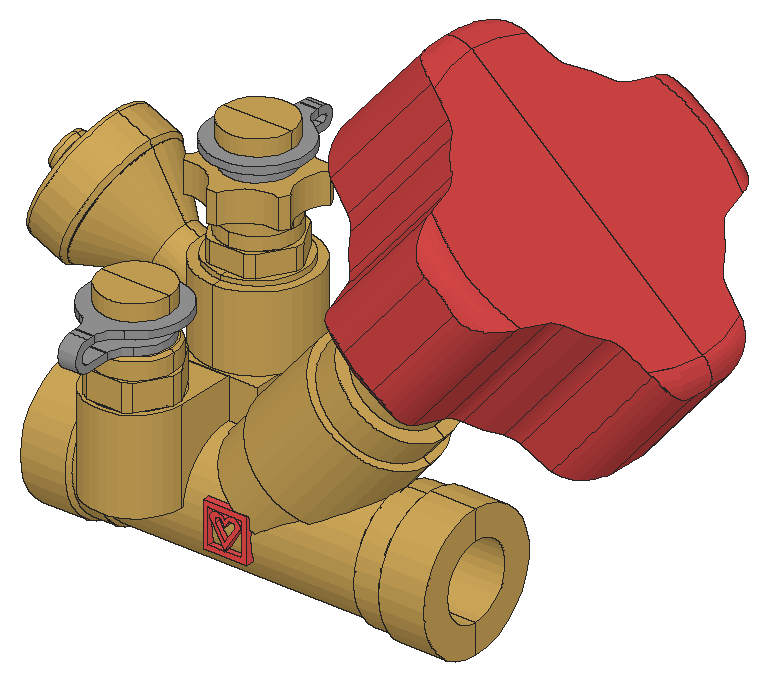
Revit family "HERZ Strömax Commissioning Valve With Integral Fixed orifice Plate 4017 ML", category Rohrzubehör, Revit 2018
Family settings
  Bemaßung runder Anschluss = Durchmesser verwenden
  Teiletyp = Unterbricht
  OmniClass-Nummer = 23.65.55.14
  OmniClass-Titel = Valves for Liquid Services
  Arbeitsebenenbasiert = Nein
  Immer vertikal = Ja
  Beim Laden mit Abzugskörper schneiden = Nein
  Gemeinsam genutzt = Nein
Parameters
  kvs-value [instance] = if(Nennweite = 15.000 mm, 2, if(Nennweite = 20.000 mm, 3.6, if(Nennweite = 25.000 mm, 6.5, if(Nennweite = 32.000 mm, 13.3, if(Nennweite = 40.000 mm, 18.5, if(Nennweite = 50.000 mm, 33, 0))))))  # 2
  kv-value of orifice [instance] = if(Nennweite = 15.000 mm, 1.95, if(Nennweite = 20.000 mm, 3.95, if(Nennweite = 25.000 mm, 7.9, if(Nennweite = 32.000 mm, 15.75, if(Nennweite = 40.000 mm, 21.5, if(Nennweite = 50.000 mm, 46.7, 0))))))  # 1.95
  W01 = 50.00°  # constant formula
  URL = "www.herzvalves.com"
  SW01 = 60.00°  # constant formula
  SCRNSEQ = "ARM;ARM_TYP=\"STRV\";2"
  SCRNCODE = "05;07;02"  # constant formula
  S03 = 60.000 mm  # constant formula
  S02 [instance] = L04 + L06 + L07  # 76.800 mm
  S01 [instance] = D01 * 2  # 27.000 mm
  R03 = 21.500 mm  # constant formula
  R02 = 9.500 mm  # constant formula
  R01 = 12.000 mm  # constant formula
  Part number [instance] = size_lookup("4017_ML_", "Artnr", 0, Nennweite)  # 1401731
  Model = "STRÖMAX 4017 ML, commissioning valve in Y pattern with an orifice plate and an connection for impulse line for differential pressure measurement, with test points:\r\nDZR brass, female threaded ends, non-rising stem sealed with Triple-O-Ring, presetting through stroke limiting, handwhell with presetting digital display."
  Medium = "Water purity in accordance with the OeNORM H5195 and VDI 2035 standards.\r\nEthylene and propylene glycol can be mixed to a ratio of 25 - 50 vol. %."
  Max. operating temperature = 130 °C  # constant formula
  Max. operating pressure = 2000000.0 Pa  # constant formula
  Max. differential pressure at closed valve = 1000000.0 Pa  # constant formula
  L10 [instance] = size_lookup("4017_ML_", "L10", 1.000 mm, Nennweite)  # 28.500 mm
  L09 [instance] = size_lookup("4017_ML_", "L9", 1.000 mm, Nennweite)  # 22.500 mm
  L08 [instance] = size_lookup("4017_ML_", "L8", 1.000 mm, Nennweite)  # 12.700 mm
  L07 [instance] = size_lookup("4017_ML_", "L7", 1.000 mm, Nennweite)  # 35.100 mm
  L06 [instance] = size_lookup("4017_ML_", "L6", 1.000 mm, Nennweite)  # 6.500 mm
  L05 [instance] = size_lookup("4017_ML_", "L5", 1.000 mm, Nennweite)  # 20.200 mm
  L04 [instance] = size_lookup("4017_ML_", "L4", 1.000 mm, Nennweite)  # 35.200 mm
  L03 [instance] = size_lookup("4017_ML_", "L3", 1.000 mm, Nennweite)  # 1.000 mm
  H03 [instance] = H01 - 19.000 mm  # 1.000 mm
  H02 = 13.000 mm  # constant formula
  Field of application = "Can be used as isolating and commissioning valve."
  E01 [instance] = L00 / -2  # -41.500 mm
  E00 = 0.000 mm  # constant formula
  D09 [instance] = size_lookup("4017_ML_", "D9", 1.000 mm, Nennweite)  # 11.750 mm
  D08 [instance] = size_lookup("4017_ML_", "D8", 1.000 mm, Nennweite)  # 9.500 mm
  D07 [instance] = size_lookup("4017_ML_", "D7", 1.000 mm, Nennweite)  # 12.000 mm
  D06 [instance] = size_lookup("4017_ML_", "D6", 1.000 mm, Nennweite)  # 13.500 mm
  D05 [instance] = size_lookup("4017_ML_", "D5", 1.000 mm, Nennweite)  # 12.500 mm
  D04 [instance] = Nennweite / 2  # 7.500 mm
  IG [instance] = Nennweite / 2  # 7.500 mm
  D03 [instance] = size_lookup("4017_ML_", "D3", 1.000 mm, Nennweite)  # 11.900 mm
  D02 [instance] = size_lookup("4017_ML_", "D2", 1.000 mm, Nennweite)  # 12.700 mm
  D01 [instance] = size_lookup("4017_ML_", "D1", 1.000 mm, Nennweite)  # 13.500 mm
  Nennweite [instance] = 15.000 mm
  L02 [instance] = size_lookup("4017_ML_", "L2", 1.000 mm, Nennweite)  # 5.000 mm
  L01 [instance] = size_lookup("4017_ML_", "L1", 1.000 mm, Nennweite)  # 9.250 mm
  L00 [instance] = size_lookup("4017_ML_", "L", 1.000 mm, Nennweite)  # 83.000 mm
  Hersteller = "HERZ Armaturen Ges.m.b.H."  # constant formula
  H01 [instance] = size_lookup("4017_ML_", "H1", 1.000 mm, Nennweite)  # 20.000 mm
  GT [instance] = size_lookup("4017_ML_", "GT", 1.000 mm, Nennweite)  # 13.200 mm
  DN50 [instance] = Nennweite = 50.000 mm  # no
  DN40 [instance] = Nennweite = 40.000 mm  # no
  DN32 [instance] = Nennweite = 32.000 mm  # no
  DN25 [instance] = Nennweite = 25.000 mm  # no
  DN20 [instance] = Nennweite = 20.000 mm  # no
  DN15 [instance] = Nennweite = 15.000 mm  # yes
  Body = "DZR brass"  # constant formula
Reference planes
  plane 1 "Mitte (Vorne/hinten)": y = 0
  plane 2: z = 0
  plane 3 "Mitte (Links/rechts)": x = 0
Forms (mm)
  Revolve 1, solid, material "Messing, weicher Gelbton, geschweißt", detail levels fine
    sketch origin (470, 0, 0) x (1, 0, 0) y (0, 0, 1)
      loop
        line (-511.5, 7.5) -> (-498.3, 7.5) -> (-498.3, 0) -> (-441.7, 0) -> (-441.7, 7.5) -> (-428.5, 7.5) -> (-428.5, 13.5) -> (-437.75, 13.5) -> (-438.421, 12.7) -> (-443.421, 12.7) -> (-444.093, 11.9) -> (-495.907, 11.9) -> (-496.579, 12.7) -> (-501.579, 12.7) -> (-502.25, 13.5) -> (-511.5, 13.5) -> (-511.5, 7.5)
      axis (-511.5, 0) -> (-428.5, 0)
    angle from 0 to 360
  Revolve 2, solid, material "Messing, weicher Gelbton, geschweißt", detail levels fine
    sketch origin (0.32, 0, -0.105) x (1, 0, 0) y (0, 0, 1)
      loop
        line (-1.32, 0.105) -> (48.046, 58.937) -> (39.045, 66.49) -> (30.882, 56.761) -> (32.605, 55.315) -> (18.207, 38.155) -> (16.292, 39.762) -> (12.114, 34.783) -> (10.964, 35.747) -> (-2.02, 20.273) -> (-1.254, 19.63) -> (-7.652, 12.005) -> (-7.065, 4.926) -> (-1.32, 0.105)
      axis (-1.32, 0.105) -> (48.046, 58.937)
    angle from 0 to 360
  Extrusion 3, solid, material "Messing, weicher Gelbton, geschweißt", detail levels fine
    sketch origin (0, 0, 0) x (1, 0, 0) y (0, 1, 0)
      loop
        arc (-28.5, -12) -> (-19, -21.5) -> (-9.5, -12) r 9.5
        line (-9.5, -12) -> (-9.5, 0) -> (-28.5, 0) -> (-28.5, -12)
    from 1 <- "H03" to 20 <- "H01"
  Extrusion 4, solid, material "Messing, weicher Gelbton, geschweißt", detail levels fine
    sketch origin (0, 0, 0) x (1, 0, 0) y (0, 1, 0)
      loop
        line (-22.5, 12) -> (-22.5, 0) -> (-3.5, 0) -> (-3.5, 12)
        arc (-3.5, 12) -> (-13, 21.5) -> (-22.5, 12) r 9.5
    from 0 to 20 <- "H01"
  Extrusion 5, void
    sketch origin (0, 0, 0) x (1, 0, 0) y (0, 0, 1)
      loop
        line (55, 0) -> (80, 0) -> (80, 73) -> (55, 73) -> (55, 0)
    from 55 to -55
Cuts and joins
  Extrusion 5 cuts Revolve 2
Lines and regions (mm)
  model lines, detail levels coarse+medium
    curve 1: line (-41.5, 0, 13.5) -> (-41.5, 0, -13.5)
    curve 2: line (-41.5, 0, -13.5) -> (41.5, 0, 13.5)
    curve 3: line (41.5, 0, 13.5) -> (41.5, 0, -13.5)
    curve 4: line (41.5, 0, -13.5) -> (-41.5, 0, 13.5)
    curve 5: line (0, 0, 0) -> (38.4, 0, 66.511)
    curve 6: line (12.419, 0, 81.511) -> (64.381, 0, 51.511)
    curve 7: line (-41.5, -13.5, 0) -> (-41.5, 13.5, 0)
    curve 8: line (-41.5, 13.5, 0) -> (41.5, -13.5, 0)
    curve 9: line (41.5, -13.5, 0) -> (41.5, 13.5, 0)
    curve 10: line (41.5, 13.5, 0) -> (-41.5, -13.5, 0)
    curve 11: line (0, 0, 0) -> (38.4, 66.511, 0)
    curve 12: line (12.419, 81.511, 0) -> (64.381, 51.511, 0)
Dimensions and locks
  "L00": Revolve 1 sketch curve to Revolve 1 sketch curve
  equal spacing: Revolve 1 sketch curve, plane 3 "Mitte (Links/rechts)", Revolve 1 sketch curve
  "D01": Revolve 1 sketch curve to Revolve 1 sketch curve  (x2)
  "GT": Revolve 1 sketch curve to Revolve 1 sketch curve  (x2)
  "D06": Revolve 2 sketch curve to Revolve 2 sketch curve
  "D07": Revolve 2 sketch curve to Revolve 2 sketch curve
  "D08": Revolve 2 sketch curve to Revolve 2 sketch curve
  "D09": Revolve 2 sketch curve to Revolve 2 sketch curve
  equal spacing: curve 1, plane 3 "Mitte (Links/rechts)", curve 3
  "L00": curve 1 to curve 3
  equal spacing: curve 4, plane 2, curve 2
  "S01": curve 4 to curve 1
  "S01": curve 3 to curve 4
  equal spacing: curve 3, plane 2, curve 4
  "S02": curve 5 to curve 5
  equal spacing: curve 6, curve 5, curve 6
  "S03": curve 6 to curve 6
  equal spacing: curve 7, plane 3 "Mitte (Links/rechts)", curve 9
  "L00": curve 7 to curve 9
  equal spacing: curve 10, plane 1 "Mitte (Vorne/hinten)", curve 8
  "S01": curve 8 to curve 10
  equal spacing: curve 9, plane 1 "Mitte (Vorne/hinten)", curve 10
  "S01": curve 10 to curve 9
  "S02": curve 11 to curve 11
  equal spacing: curve 12, curve 11, curve 12
  "S03": curve 12 to curve 12
  "L01": Revolve 1 sketch curve to Revolve 1 sketch curve  (x2)
  "D02": Revolve 1 sketch curve to plane 2  (x2)
  "D03": Revolve 1 sketch curve to plane 2
  "IG": Revolve 1 sketch curve to plane 2  (x2)
  "L02": Revolve 1 sketch curve to Revolve 1 sketch curve  (x2)
  "L04": Revolve 2 sketch curve to Revolve 2 sketch curve
  "L05": Revolve 2 sketch curve to Revolve 2 sketch curve
  "D03": Revolve 2 sketch curve to plane 2
  "L06": Revolve 2 sketch curve to Revolve 2 sketch curve
  "L08": Revolve 2 sketch curve to Revolve 2 sketch curve
  "L07": Revolve 2 sketch curve to Revolve 2 sketch curve
  "D04": Revolve 2 sketch curve to Revolve 2 sketch curve
  "D05": Revolve 2 sketch curve to Revolve 2 sketch curve
  "L03": plane 3 "Mitte (Links/rechts)" to Revolve 2 sketch curve  (x2)
  "D03": nested 1 to plane 1 "Mitte (Vorne/hinten)"
  "L09": Revolve 1 to Extrusion 3 sketch curve
  "R01": Extrusion 3 sketch curve to plane 1 "Mitte (Vorne/hinten)"
  "R01": plane 1 "Mitte (Vorne/hinten)" to Extrusion 4 sketch curve
  "L10": Revolve 1 to Extrusion 4 sketch curve
  "H01": nested 2 to plane 2
  "R01": nested 2 to plane 1 "Mitte (Vorne/hinten)"
  "L09": Revolve 1 to nested 2
  Extrusion 5 sketch curve to plane 3 "Mitte (Links/rechts)" = 55.000 mm
  Extrusion 5 sketch curve to Extrusion 5 sketch curve = 25.000 mm
  Extrusion 5 sketch curve to plane 2 = 73.000 mm
  "L10": Revolve 1 to nested 9
  "R01": plane 1 "Mitte (Vorne/hinten)" to nested 9
  "H01": nested 9 to plane 2
  "R02": radius of Extrusion 3 sketch curve
  "R02": radius of Extrusion 4 sketch curve
  "W01": angle level to Revolve 2 sketch curve
  "SW01": angle plane 2 to curve 5
  "SW01": angle plane 1 "Mitte (Vorne/hinten)" to curve 11
  "W01": angle Revolve 1 sketch curve to Revolve 1 sketch curve  (x4)
  "W01": angle plane 2 to Revolve 2 sketch curve
  aligned and locked: level to plane 2
Automatic sketch dimensions
  Extrusion 5 sketch curve to level = 0.000 mm
  curve 5 to level = 0.000 mm
  plane 1 "Mitte (Vorne/hinten)" to curve 11 = 0.000 mm
  Revolve 1 sketch curve to level = 0.000 mm  (x2)
  Revolve 1 sketch curve to Revolve 1 sketch curve = 791.990 mm
  Revolve 1 sketch curve to Revolve 1 sketch curve = 2278.983 mm
  Revolve 2 sketch curve to level = 0.000 mm  (x2)
  plane 1 "Mitte (Vorne/hinten)" to Extrusion 3 sketch curve = 0.000 mm
  plane 1 "Mitte (Vorne/hinten)" to Extrusion 4 sketch curve = 0.000 mm
Nested families
  nested 1: "Herz-Logo-vorne" at (0, -11.9, 0) x (0, 1, 0) z (0, 0, 1), type "Herz-Logo-vorne", detail levels fine
  nested 2: "Messstutzen_Band_Eintritt_senkrecht_(oben)" at (-19, -12, 2.5) x (-1, 0, 0) z (0, 0, 1), type "Messstutzen_Band_Eintritt_senkrecht_(oben)", detail levels fine
    with Schutzkappe yes, Nennweite 0.000 mm, Gewicht 0.00 kg, Bestellnummer 0
  nested 3: "Strangregulierventil-Handrad (Rot) DN15-DN32" at (48.366, 0, 58.832), visible <- "DN15", type "Strangregulierventil-Handrad (Rot) DN15-DN32"
    with Nennweite 0.000 mm, Gewicht 0.00 kg, Bestellnummer 0
  nested 4: "Strangregulierventil-Handrad (Rot) DN15-DN32" at (50.13, 0, 62.126), visible <- "DN20", type "Strangregulierventil-Handrad (Rot) DN15-DN32"
    with Nennweite 0.000 mm, Gewicht 0.00 kg, Bestellnummer 0
  nested 5: "Strangregulierventil-Handrad (Rot) DN15-DN32" at (55.886, 0, 73.157), visible <- "DN25", type "Strangregulierventil-Handrad (Rot) DN15-DN32"
    with Nennweite 0.000 mm, Gewicht 0.00 kg, Bestellnummer 0
  nested 6: "Strangregulierventil-Handrad (Rot) DN15-DN32" at (60.493, 0, 82.58), visible <- "DN32", type "Strangregulierventil-Handrad (Rot) DN15-DN32"
    with Nennweite 0.000 mm, Gewicht 0.00 kg, Bestellnummer 0
  nested 7: "Strangregulierventil-Handrad (Rot) DN40-DN50" at (68.72, 0, 95.602), visible <- "DN40", type "Strangregulierventil-Handrad (Rot) DN40-DN50"
    with Nennweite 0.000 mm, Gewicht 0.00 kg, Bestellnummer 0
  nested 8: "Strangregulierventil-Handrad (Rot) DN40-DN50" at (66.762, 0, 99.586), visible <- "DN50", type "Strangregulierventil-Handrad (Rot) DN40-DN50"
    with Nennweite 0.000 mm, Gewicht 0.00 kg, Bestellnummer 0
  nested 9: "Messstutzen_Band-KFE_Austritt_senkrecht_(oben)" at (-13, 12, 24.41), type "Messstutzen_Band-KFE_Austritt_senkrecht_(oben)", detail levels fine
    with Schutzkappe yes, Nennweite 0.000 mm, Gewicht 0.00 kg, Bestellnummer 0
Connectors
  piping at (-28.3, 0, 0), diameter 15, driven by "Nennweite"
    settings: on Revolve 1, index 1, connector inside diameter 609.6 mm, connector length 0.000 mm, flow factor 0, pipe flow 0.0 L/s, pressure drop 0.0 Pa, fitting loss kfactor 0, connector angle 0.00°, fixture units 0, engagement length 0.000 mm, angle of deflection 0.00°, flow configuration 0, flow direction 1, fitting loss method 0, system type 29, joint type 0, gender type 0, connector reference index -1, connector utility 0, adjustable connector no, is connector primary yes, connector description ""
  piping at (28.3, 0, 0), diameter 15, driven by "Nennweite"
    settings: on Revolve 1, index 2, connector inside diameter 609.6 mm, connector length 0.000 mm, flow factor 0, pipe flow 0.0 L/s, pressure drop 0.0 Pa, fitting loss kfactor 0, connector angle 0.00°, fixture units 0, engagement length 0.000 mm, angle of deflection 0.00°, flow configuration 0, flow direction 2, fitting loss method 0, system type 29, joint type 0, gender type 0, connector reference index -1, connector utility 0, adjustable connector no, is connector primary no, connector description ""
Definition of nested family "Herz-Logo-vorne"
  Reference planes
    plane 1 "Mitte (Vorne/hinten)": y = 0
    plane 2: z = 0
    plane 3 "Mitte (Links/rechts)": x = 0
  Forms (mm)
    Extrusion 1, solid
      sketch origin (0.732, -0.018, 0.017) x (0, -1, 0) y (0, 0, 1)
        loop
          line (-0.018, -4.517) -> (4.482, -4.517) -> (4.482, 4.483) -> (-4.518, 4.483) -> (-4.518, -4.517) -> (-0.018, -4.517)
        loop
          line (-0.05, -3.48) -> (3.482, -3.48) -> (3.482, 3.483) -> (-3.518, 3.483) -> (-3.518, -3.48) -> (-0.05, -3.48)
        loop
          arc (-0.018, 2.383) -> (-1.543, 3.287) -> (-3.067, 2.383) r 1.738
          arc (-3.067, 2.383) -> (-3.191, 1.899) -> (-3.067, 1.415) r 1.009
          line (-3.067, 1.415) -> (-0.018, -3.281) -> (3.032, 1.415)
          arc (3.032, 1.415) -> (3.156, 1.899) -> (3.032, 2.383) r 1.009
          arc (3.032, 2.383) -> (1.507, 3.287) -> (-0.018, 2.383) r 1.738
        loop
          arc (1.885, 1.272) -> (2.005, 1.675) -> (1.885, 2.079) r 0.74
          arc (1.885, 2.079) -> (1.265, 2.416) -> (0.644, 2.079) r 0.74
          line (0.644, 2.079) -> (-0.018, 0.97) -> (-0.679, 2.079)
          arc (-0.679, 2.079) -> (-1.3, 2.416) -> (-1.921, 2.079) r 0.74
          arc (-1.921, 2.079) -> (-2.04, 1.675) -> (-1.921, 1.272) r 0.74
          line (-1.921, 1.272) -> (-0.018, -1.658) -> (1.885, 1.272)
      from 0 to 1.5
  Dimensions and locks
    aligned and locked: level to plane 2
Definition of nested family "Messstutzen_Band_Eintritt_senkrecht_(oben)"
  Parameters (values of type "Messstutzen_Band_Eintritt_senkrecht_(oben)")
    URL = "www.herz-armaturen.at"
    Schutzkappe [instance] = yes
    Nennweite [instance] = 0.000 mm
    Manufacturer = "Herz Armaturen GmbH"  # constant formula
    Gewicht [instance] = 0.00 kg
    Bestellnummer [instance] = 0
  Reference planes
    plane 1 "Mitte (Vorne/hinten)": y = 0
    plane 2: z = 0
    plane 3 "Mitte (Links/rechts)": x = 0
    plane 4 "Schlaufe 1": z = -27
    plane 5 "Schlaufe 2": z = -31.678
  Forms (mm)
    Revolve 1, solid, detail levels fine
      sketch origin (0, 0, 0) x (1, 0, 0) y (0, 0, 1)
        loop
          line (-7.4, 9) -> (-5.55, 9) -> (-5.55, 6)
          arc (-5.55, 6) -> (-5.626, 5.617) -> (-5.843, 5.293) r 1
          line (-5.843, 5.293) -> (-6.455, 4.681) -> (-6.455, 0.9) -> (-5.555, 0) -> (-2, 0) -> (-2, 17.5) -> (-8.4, 17.5)
          arc (-8.4, 17.5) -> (-7.693, 17.207) -> (-7.4, 16.5) r 1
          line (-7.4, 16.5) -> (-7.4, 9)
        loop
          line (-3.7, 27) -> (-7.3, 27) -> (-7.9, 26.4) -> (-7.9, 23) -> (-2, 23) -> (-2, 35.8) -> (-3.805, 35.8) -> (-4.415, 35.19) -> (-4.415, 30.863) -> (-3.7, 30.45) -> (-3.7, 27)
        axis (0, 0) -> (0, 35.8)
      angle from 0 to 360
    Extrusion 2, solid, detail levels fine
      sketch origin (0, 0, 17.5) x (0, 1, 0) y (-1, 0, 0)
        loop
          arc (-7.07, 5.156) -> (-7.578, 4.375) -> (-8, 3.544) r 8.75
          line (-8, 3.544) -> (-8, -3.544)
          arc (-8, -3.544) -> (-7.578, -4.375) -> (-7.07, -5.156) r 8.75
          line (-7.07, -5.156) -> (-0.93, -8.7)
          arc (-0.93, -8.7) -> (0, -8.75) -> (0.93, -8.7) r 8.75
          line (0.93, -8.7) -> (7.07, -5.156)
          arc (7.07, -5.156) -> (7.578, -4.375) -> (8, -3.544) r 8.75
          line (8, -3.544) -> (8, 3.544)
          arc (8, 3.544) -> (7.578, 4.375) -> (7.07, 5.156) r 8.75
          line (7.07, 5.156) -> (0.93, 8.7)
          arc (0.93, 8.7) -> (0, 8.75) -> (-0.93, 8.7) r 8.75
          line (-0.93, 8.7) -> (-7.07, 5.156)
      from 0 to 5.5
    Revolve 3, solid, visible <- "Schutzkappe", detail levels fine
      sketch origin (0, 0, 0) x (1, 0, 0) y (0, 0, 1)
        loop
          line (0, 35.878) -> (0, 36.678) -> (-7, 36.678) -> (-7, 33.378) -> (-6.1, 33.378) -> (-6.1, 31.678) -> (-6.9, 31.678) -> (-6.9, 30.178) -> (-4.415, 30.178) -> (-4.415, 35.268) -> (-3.805, 35.878) -> (0, 35.878)
        axis (0, 30.178) -> (0, 36.678)
      angle from 0 to 360
    Extrusion 4, solid, detail levels fine
      sketch origin (0, 0, 28.5) x (1, 0, 0) y (0, 1, 0)
        loop
          circle (0, 0) r 3.7
        loop
          arc (-3.906, 5.505) -> (0, -6.75) -> (3.906, 5.505) r 6.75
          arc (3.906, 5.505) -> (2.358, 7.288) -> (1.8, 9.582) r 5
          line (1.8, 9.582) -> (-1.8, 9.582)
          arc (-1.8, 9.582) -> (-2.358, 7.288) -> (-3.906, 5.505) r 5
      from 0 to -1.5
    Extrusion 5, solid, detail levels fine
      sketch origin (0, 0, 33.178) x (1, 0, 0) y (0, 1, 0)
        loop
          circle (0, 0) r 6.1
        loop
          arc (-4.495, 8.652) -> (0, -9.75) -> (4.495, 8.652) r 9.75
          arc (4.495, 8.652) -> (2.527, 10.493) -> (1.8, 13.089) r 5
          line (1.8, 13.089) -> (-1.8, 13.089)
          arc (-1.8, 13.089) -> (-2.527, 10.493) -> (-4.495, 8.652) r 5
      from 0 to -1.5
    Sweep 6, solid, detail levels fine
      path origin (0, 0, 0) x (0, 0, -1) y (0, -1, 0)
        loop
          line (-27.75, -9.582) -> (-27.75, -14.522)
          arc (-27.75, -14.522) -> (-30.089, -16.862) -> (-32.428, -14.522) r 2.339
          line (-32.428, -14.522) -> (-32.428, -13.089)
      profile origin (0, 12.052, 27.75) x (0, 0, 1) y (1, 0, 0)
        loop
          line (-0.75, -1.8) -> (0.75, -1.8) -> (0.75, 1.8) -> (-0.75, 1.8) -> (-0.75, -1.8)
  Dimensions and locks
    aligned and locked: level to plane 2
Definition of nested family "Strangregulierventil-Handrad (Rot) DN15-DN32"
  Parameters (values of type "Strangregulierventil-Handrad (Rot) DN15-DN32")
    URL = "www.herz-armaturen.at"
    Nennweite [instance] = 0.000 mm
    Manufacturer = "Herz Armaturen GmbH"  # constant formula
    Gewicht [instance] = 0.00 kg
    Bestellnummer [instance] = 0
  Reference planes
    plane 1 "Mitte (Vorne/hinten)": y = 0
    plane 2: z = 0
    plane 3 "Mitte (Links/rechts)": x = 0
  Forms (mm)
    Revolve 1, solid, detail levels fine
      sketch origin (0, 0, 0) x (0.766044, 0, -0.642788) y (0.642788, 0, 0.766044)
        loop
          line (0, 0) -> (0, 24.95) -> (-30.992, 24.95)
          arc (-30.992, 24.95) -> (-34.37, 23.636) -> (-35.973, 20.386) r 5
          line (-35.973, 20.386) -> (-37, 8.65) -> (-35.986, -2.936)
          arc (-35.986, -2.936) -> (-34.383, -6.186) -> (-31.005, -7.5) r 5
          line (-31.005, -7.5) -> (-15, -7.5) -> (-15, 0) -> (0, 0)
        axis (0, 24.95) -> (0, -7.5)
      angle from 0 to 360
    Extrusion 2, void
      sketch origin (13.049, 0, 15.551) x (0.766044, 0, -0.642788) y (0, 1, 0)
        loop
          line (3.861, 35.5) -> (-3.861, 35.5)
          arc (-3.861, 35.5) -> (-8.731, 33.847) -> (-11.589, 29.571) r 8
          line (-11.589, 29.571) -> (-13.284, 23.245)
          arc (-13.284, 23.245) -> (-13.982, 21.722) -> (-15.144, 20.516) r 5
          arc (-15.144, 20.516) -> (-18.031, 18.031) -> (-20.516, 15.144) r 25.5
          arc (-20.516, 15.144) -> (-21.722, 13.982) -> (-23.245, 13.284) r 5
          line (-23.245, 13.284) -> (-29.571, 11.589)
          arc (-29.571, 11.589) -> (-33.847, 8.731) -> (-35.5, 3.861) r 8
          line (-35.5, 3.861) -> (-35.5, -3.861)
          arc (-35.5, -3.861) -> (-33.847, -8.731) -> (-29.571, -11.589) r 8
          line (-29.571, -11.589) -> (-23.245, -13.284)
          arc (-23.245, -13.284) -> (-21.722, -13.982) -> (-20.516, -15.144) r 5
          arc (-20.516, -15.144) -> (-18.031, -18.031) -> (-15.144, -20.516) r 25.5
          arc (-15.144, -20.516) -> (-13.982, -21.722) -> (-13.284, -23.245) r 5
          line (-13.284, -23.245) -> (-11.589, -29.571)
          arc (-11.589, -29.571) -> (-8.731, -33.847) -> (-3.861, -35.5) r 8
          line (-3.861, -35.5) -> (3.861, -35.5)
          arc (3.861, -35.5) -> (8.731, -33.847) -> (11.589, -29.571) r 8
          line (11.589, -29.571) -> (13.284, -23.245)
          arc (13.284, -23.245) -> (13.982, -21.722) -> (15.144, -20.516) r 5
          arc (15.144, -20.516) -> (18.031, -18.031) -> (20.516, -15.144) r 25.5
          arc (20.516, -15.144) -> (21.722, -13.982) -> (23.245, -13.284) r 5
          line (23.245, -13.284) -> (29.571, -11.589)
          arc (29.571, -11.589) -> (33.847, -8.731) -> (35.5, -3.861) r 8
          line (35.5, -3.861) -> (35.5, 3.861)
          arc (35.5, 3.861) -> (33.847, 8.731) -> (29.571, 11.589) r 8
          line (29.571, 11.589) -> (23.245, 13.284)
          arc (23.245, 13.284) -> (21.722, 13.982) -> (20.516, 15.144) r 5
          arc (20.516, 15.144) -> (18.031, 18.031) -> (15.144, 20.516) r 25.5
          arc (15.144, 20.516) -> (13.982, 21.722) -> (13.284, 23.245) r 5
          line (13.284, 23.245) -> (11.589, 29.571)
          arc (11.589, 29.571) -> (8.731, 33.847) -> (3.861, 35.5) r 8
        loop
          circle (0, 0) r 38
      from -31.266 to 7.923
  Cuts and joins
    Extrusion 2 cuts Revolve 1
  Dimensions and locks
    Revolve 1 sketch curve to Revolve 1 sketch curve = 15.000 mm
    Revolve 1 sketch curve to Revolve 1 sketch curve = 16.150 mm
    Revolve 1 sketch curve to Revolve 1 sketch curve = 16.300 mm
    angle Revolve 1 sketch curve to Revolve 1 sketch curve = 95.00°
    aligned and locked: level to plane 2
Definition of nested family "Strangregulierventil-Handrad (Rot) DN40-DN50"
  Parameters (values of type "Strangregulierventil-Handrad (Rot) DN40-DN50")
    URL = "www.herz-armaturen.at"
    Nennweite [instance] = 0.000 mm
    Manufacturer = "Herz Armaturen GmbH"  # constant formula
    Gewicht [instance] = 0.00 kg
    Bestellnummer [instance] = 0
  Reference planes
    plane 1 "Mitte (Vorne/hinten)": y = 0
    plane 2: z = 0
    plane 3 "Mitte (Links/rechts)": x = 0
  Forms (mm)
    Revolve 1, solid, detail levels fine
      sketch origin (0, 0, 0) x (0.766044, 0, -0.642788) y (0.642788, 0, 0.766044)
        loop
          line (0, 0) -> (0, 24.95) -> (-50.992, 24.95)
          arc (-50.992, 24.95) -> (-54.37, 23.636) -> (-55.973, 20.386) r 5
          line (-55.973, 20.386) -> (-57, 8.65) -> (-55.986, -2.936)
          arc (-55.986, -2.936) -> (-54.383, -6.186) -> (-51.005, -7.5) r 5
          line (-51.005, -7.5) -> (-15, -7.5) -> (-15, 0) -> (0, 0)
        axis (0, 24.95) -> (0, -7.5)
      angle from 0 to 360
    Extrusion 2, void
      sketch origin (13.049, 0, 15.551) x (0.766044, 0, -0.642788) y (0, 1, 0)
        loop
          line (-55, 6.292) -> (-55, -6.292)
          arc (-55, -6.292) -> (-52.52, -13.597) -> (-46.106, -17.883) r 12
          line (-46.106, -17.883) -> (-35.399, -20.752)
          arc (-35.399, -20.752) -> (-33.541, -21.612) -> (-32.08, -23.047) r 6
          arc (-32.08, -23.047) -> (-27.931, -27.931) -> (-23.047, -32.08) r 39.5
          arc (-23.047, -32.08) -> (-21.612, -33.541) -> (-20.752, -35.399) r 6
          line (-20.752, -35.399) -> (-17.883, -46.106)
          arc (-17.883, -46.106) -> (-13.597, -52.52) -> (-6.292, -55) r 12
          line (-6.292, -55) -> (6.292, -55)
          arc (6.292, -55) -> (13.597, -52.52) -> (17.883, -46.106) r 12
          line (17.883, -46.106) -> (20.752, -35.399)
          arc (20.752, -35.399) -> (21.612, -33.541) -> (23.047, -32.08) r 6
          arc (23.047, -32.08) -> (27.931, -27.931) -> (32.08, -23.047) r 39.5
          arc (32.08, -23.047) -> (33.541, -21.612) -> (35.399, -20.752) r 6
          line (35.399, -20.752) -> (46.106, -17.883)
          arc (46.106, -17.883) -> (52.52, -13.597) -> (55, -6.292) r 12
          line (55, -6.292) -> (55, 6.292)
          arc (55, 6.292) -> (52.52, 13.597) -> (46.106, 17.883) r 12
          line (46.106, 17.883) -> (35.399, 20.752)
          arc (35.399, 20.752) -> (33.541, 21.612) -> (32.08, 23.047) r 6
          arc (32.08, 23.047) -> (27.931, 27.931) -> (23.047, 32.08) r 39.5
          arc (23.047, 32.08) -> (21.612, 33.541) -> (20.752, 35.399) r 6
          line (20.752, 35.399) -> (17.883, 46.106)
          arc (17.883, 46.106) -> (13.597, 52.52) -> (6.292, 55) r 12
          line (6.292, 55) -> (-6.292, 55)
          arc (-6.292, 55) -> (-13.597, 52.52) -> (-17.883, 46.106) r 12
          line (-17.883, 46.106) -> (-20.752, 35.399)
          arc (-20.752, 35.399) -> (-21.612, 33.541) -> (-23.047, 32.08) r 6
          arc (-23.047, 32.08) -> (-27.931, 27.931) -> (-32.08, 23.047) r 39.5
          arc (-32.08, 23.047) -> (-33.541, 21.612) -> (-35.399, 20.752) r 6
          line (-35.399, 20.752) -> (-46.106, 17.883)
          arc (-46.106, 17.883) -> (-52.52, 13.597) -> (-55, 6.292) r 12
        loop
          circle (0, 0) r 60
      from -31.161 to 7.489
  Cuts and joins
    Extrusion 2 cuts Revolve 1
  Dimensions and locks
    Revolve 1 sketch curve to Revolve 1 sketch curve = 15.000 mm
    Revolve 1 sketch curve to Revolve 1 sketch curve = 16.150 mm
    Revolve 1 sketch curve to Revolve 1 sketch curve = 16.300 mm
    Revolve 1 sketch curve to Revolve 1 sketch curve = 57.000 mm
    angle Revolve 1 sketch curve to Revolve 1 sketch curve = 95.00°
    aligned and locked: level to plane 2
Definition of nested family "Messstutzen_Band-KFE_Austritt_senkrecht_(oben)"
  Parameters (values of type "Messstutzen_Band-KFE_Austritt_senkrecht_(oben)")
    URL = "www.herz-armaturen.at"
    Schutzkappe [instance] = yes
    Nennweite [instance] = 0.000 mm
    Manufacturer = "Herz Armaturen GmbH"  # constant formula
    Gewicht [instance] = 0.00 kg
    Bestellnummer [instance] = 0
  Reference planes
    plane 1 "Mitte (Vorne/hinten)": y = 0
    plane 2: z = 0
    plane 3 "Mitte (Links/rechts)": x = 0
  Forms (mm)
    Revolve 1, solid, detail levels fine
      sketch origin (0, 0, 0) x (1, 0, 0) y (0, 0, 1)
        loop
          line (-7.4, 9) -> (-5.55, 9) -> (-5.55, 6)
          arc (-5.55, 6) -> (-5.626, 5.617) -> (-5.843, 5.293) r 1
          line (-5.843, 5.293) -> (-6.455, 4.681) -> (-6.455, 0.9) -> (-5.555, 0) -> (-2, 0) -> (-2, 23) -> (-2, 35.8) -> (-3.805, 35.8) -> (-4.415, 35.19) -> (-4.415, 30.863) -> (-3.7, 30.45) -> (-3.7, 27) -> (-7.4, 27) -> (-7.4, 9)
        axis (0, 0) -> (0, 35.8)
      angle from 0 to 360
    Extrusion 2, solid, detail levels fine
      sketch origin (0, 0, 17.5) x (0, 1, 0) y (-1, 0, 0)
        loop
          arc (-7.07, 5.156) -> (-7.578, 4.375) -> (-8, 3.544) r 8.75
          line (-8, 3.544) -> (-8, -3.544)
          arc (-8, -3.544) -> (-7.578, -4.375) -> (-7.07, -5.156) r 8.75
          line (-7.07, -5.156) -> (-0.93, -8.7)
          arc (-0.93, -8.7) -> (0, -8.75) -> (0.93, -8.7) r 8.75
          line (0.93, -8.7) -> (7.07, -5.156)
          arc (7.07, -5.156) -> (7.578, -4.375) -> (8, -3.544) r 8.75
          line (8, -3.544) -> (8, 3.544)
          arc (8, 3.544) -> (7.578, 4.375) -> (7.07, 5.156) r 8.75
          line (7.07, 5.156) -> (0.93, 8.7)
          arc (0.93, 8.7) -> (0, 8.75) -> (-0.93, 8.7) r 8.75
          line (-0.93, 8.7) -> (-7.07, 5.156)
      from -5.51 to -1.21
    Revolve 3, solid, visible <- "Schutzkappe", detail levels fine
      sketch origin (0, 0, 0) x (1, 0, 0) y (0, 0, 1)
        loop
          line (0, 35.878) -> (0, 36.678) -> (-7, 36.678) -> (-7, 33.378) -> (-6.1, 33.378) -> (-6.1, 31.678) -> (-6.9, 31.678) -> (-6.9, 30.178) -> (-4.415, 30.178) -> (-4.415, 35.268) -> (-3.805, 35.878) -> (0, 35.878)
        axis (0, 30.178) -> (0, 36.678)
      angle from 0 to 360
    Extrusion 4, solid, detail levels fine
      sketch origin (0, 0, 30) x (1, 0, 0) y (0, 1, 0)
        loop
          circle (0, 0) r 3.7
        loop
          arc (-3.906, 5.505) -> (0, -6.75) -> (3.906, 5.505) r 6.75
          arc (3.906, 5.505) -> (2.358, 7.288) -> (1.8, 9.582) r 5
          line (1.8, 9.582) -> (-1.8, 9.582)
          arc (-1.8, 9.582) -> (-2.358, 7.288) -> (-3.906, 5.505) r 5
      from 0 to -1.5
    Extrusion 5, solid, detail levels fine
      sketch origin (0, 0, 33.178) x (1, 0, 0) y (0, 1, 0)
        loop
          circle (0, 0) r 6.1
        loop
          arc (-4.495, 8.652) -> (0, -9.75) -> (4.495, 8.652) r 9.75
          arc (4.495, 8.652) -> (2.527, 10.493) -> (1.8, 13.089) r 5
          line (1.8, 13.089) -> (-1.8, 13.089)
          arc (-1.8, 13.089) -> (-2.527, 10.493) -> (-4.495, 8.652) r 5
      from 0 to -1.5
    Sweep 6, solid, detail levels fine
      path origin (0, 0, 0) x (0, 0, -1) y (0, -1, 0)
        loop
          line (-29.25, -9.582) -> (-29.25, -14.522)
          arc (-29.25, -14.522) -> (-30.839, -16.112) -> (-32.428, -14.522) r 1.589
          line (-32.428, -14.522) -> (-32.428, -13.089)
      profile origin (0, 12.052, 29.25) x (0, 0, 1) y (1, 0, 0)
        loop
          line (-0.75, -1.8) -> (0.75, -1.8) -> (0.75, 1.8) -> (-0.75, 1.8) -> (-0.75, -1.8)
    Extrusion 7, solid, detail levels fine
      sketch origin (-101.196, 0, 0) x (1, 0, 0) y (0, 1, 0)
        loop
          arc (112.053, 5.113) -> (111.589, 6) -> (111.053, 6.845) r 12
          arc (111.053, 6.845) -> (105.696, 7.794) -> (102.196, 11.958) r 7.971
          arc (102.196, 11.958) -> (101.196, 12) -> (100.196, 11.958) r 12
          arc (100.196, 11.958) -> (96.696, 7.794) -> (91.34, 6.845) r 7.971
          arc (91.34, 6.845) -> (90.804, 6) -> (90.34, 5.113) r 12
          arc (90.34, 5.113) -> (92.196, 0) -> (90.34, -5.113) r 7.971
          arc (90.34, -5.113) -> (90.804, -6) -> (91.34, -6.845) r 12
          arc (91.34, -6.845) -> (96.696, -7.794) -> (100.196, -11.958) r 7.971
          arc (100.196, -11.958) -> (101.196, -12) -> (102.196, -11.958) r 12
          arc (102.196, -11.958) -> (105.696, -7.794) -> (111.053, -6.845) r 7.971
          arc (111.053, -6.845) -> (111.589, -6) -> (112.053, -5.113) r 12
          arc (112.053, -5.113) -> (110.196, 0) -> (112.053, 5.113) r 7.971
      from 22.3 to 28.5
    Revolve 8, solid, detail levels fine
      sketch origin (0, 43.374, -20) x (0, 1, 0) y (0, 0, 1)
        loop
          line (-43.374, 0) -> (-37.874, 0) -> (-36.774, 1.1) -> (-36.774, 4.9) -> (-37.874, 6) -> (-37.874, 8.4) -> (-36.424, 8.4) -> (-36.424, 9.2) -> (-34.424, 9.2) -> (-34.424, 15.59) -> (-31.874, 15.59) -> (-31.874, 30.99) -> (-33.874, 30.99) -> (-33.874, 31.99) -> (-43.374, 31.99) -> (-43.374, 0)
        loop
          line (-43.374, 39) -> (-43.374, 36.29) -> (-35.874, 36.29) -> (-35.874, 39) -> (-43.374, 39)
        axis (-43.374, 39) -> (-43.374, 0)
      angle from 0 to 360
    Revolve 9, solid, detail levels fine
      sketch origin (0, 0, 0) x (-1, 0, 0) y (0, 0, 1)
        loop
          line (0, -1.01) -> (32.627, 14.204) -> (27.556, 25.08) -> (25.934, 25.67) -> (21.602, 23.65) -> (14.873, 11.994) -> (-2.324, 3.975) -> (0, -1.01)
        axis (32.627, 14.204) -> (0, -1.01)
      angle from 0 to 360
    Revolve 10, solid, detail levels fine
      sketch origin (-51.188, 0, -39.797) x (-0.422618, 0, -0.906308) y (-0.906308, 0, 0.422618)
        loop
          line (-56.786, 8) -> (-45.747, 8) -> (-45.747, 0) -> (-43.834, 0) -> (-42.786, 1.048) -> (-42.786, 8.048)
          arc (-42.786, 8.048) -> (-43.065, 8.721) -> (-43.738, 9) r 0.952
          line (-43.738, 9) -> (-52.974, 9)
          arc (-52.974, 9) -> (-53.548, 9.238) -> (-53.786, 9.812) r 0.812
          line (-53.786, 9.812) -> (-53.786, 12) -> (-52.786, 12) -> (-52.786, 13.03)
          arc (-52.786, 13.03) -> (-53.07, 13.716) -> (-53.756, 14) r 0.97
          line (-53.756, 14) -> (-56.786, 14) -> (-56.786, 8)
        axis (-56.786, 14) -> (-56.786, 0)
      angle from 0 to 360
  Dimensions and locks
    aligned and locked: level to plane 2
